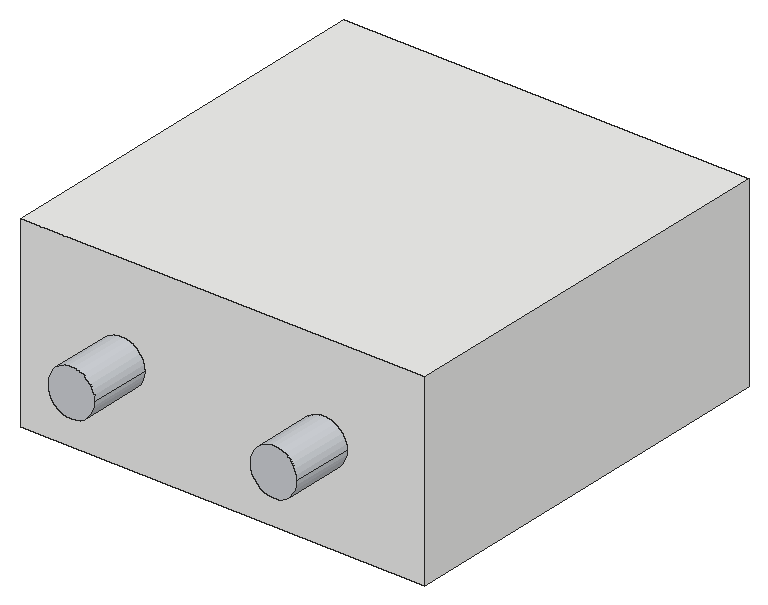
Revit family "Lagur Home Controller", category Electrical Equipment, host Face, Revit 2020
Family settings
  Host = Face
  Round Connector Dimension = Use Diameter
  Part Type = Equipment Switch
  OmniClass Number = 23.85.50.17
  OmniClass Title = Communication and Data Processing Equipment
  Cut with Voids When Loaded = No
  Shared = No
  Room Calculation Point = No
Parameters (values of type "Lagur Controller Data Control")
  Width = 130 mm
  Version = "1.0"
  Uniclass2015Version = ""
  Uniclass2015Title = ""
  Uniclass2015Description = ""
  Uniclass2015Code = ""
  URL = "https://lagur.dk/"
  UNSPSCCode = ""
  Revision = ""
  ProductInformation = ""
  NominalDepth = ""
  NominaHeight = ""
  Model = "Lagur Home Controller Data Control"  # constant formula
  Manufacturer = "Lagur"  # constant formula
  IfcExportType = ""
  IfcExportAs = ""
  IfcClassification = ""
  Height = 130 mm
  Depth = 60 mm
  Default Elevation = 1200 mm
  CobieTypeCategory = ""
  AuthorURL = "www.prodlib.com"
  Author = "ProdLib"  # constant formula
Reference planes
  plane 1 "Center (Front/Back)": y = 0
  plane 2: z = 0
  plane 3 "Center (Left/Right)": x = 0
  plane 4: y = -65
  plane 5: y = 65
  plane 6: x = -65
  plane 7: x = 65
  plane 8: z = 60
  plane 9: x = -32.5
  plane 10: x = 32.5
  plane 11: z = 30
  plane 12: x = -40
  plane 13: x = -25
  plane 14: x = 25
  plane 15: x = 40
Forms (mm)
  Extrusion 1, solid, material "Plastic"
    sketch origin (0, 0, 0) x (1, 0, 0) y (0, 1, 0)
      loop
        line (-65, -65) -> (65, -65) -> (65, 65) -> (-65, 65) -> (-65, -65)
    from 0 to 60
  Extrusion 2, solid
    sketch origin (0, 0, 0) x (1, 0, 0) y (0, 0, 1)
      loop
        circle (-32.5, 30) r 7.5
    from 65 to 85
  Extrusion 3, solid
    sketch origin (65, 0, 0) x (1, 0, 0) y (0, 0, 1)
      loop
        circle (-32.5, 30) r 7.5
    from 65 to 85
Dimensions and locks
  equal spacing: plane 6, plane 3 "Center (Left/Right)", plane 7
  equal spacing: plane 5, plane 1 "Center (Front/Back)", plane 4
  "Height": plane 5 to plane 4
  "Width": plane 6 to plane 7
  "Depth": plane 8 to level
  equal spacing: plane 6, plane 9, plane 3 "Center (Left/Right)"
  equal spacing: plane 3 "Center (Left/Right)", plane 10, plane 7
  equal spacing: plane 8, plane 11, level
  equal spacing: plane 12, plane 9, plane 13
  plane 14 to plane 15 = 15 mm
  aligned and locked: plane 2 to host face
  aligned and locked: level to host face
  aligned and locked: Extrusion 1 sketch curve to plane 4
  aligned and locked: Extrusion 1 sketch curve to plane 6
  aligned and locked: Extrusion 1 sketch curve to plane 5
  aligned and locked: Extrusion 1 sketch curve to plane 7
  aligned and locked: Extrusion 1 to level
  aligned and locked: plane 8 to Extrusion 1
  aligned and locked: plane 12 to Extrusion 2 sketch curve
  aligned and locked: plane 11 to Extrusion 2 sketch curve
  aligned and locked: plane 13 to Extrusion 2 sketch curve
  aligned and locked: plane 4 to Extrusion 2
  aligned and locked: plane 14 to Extrusion 3 sketch curve
  aligned and locked: plane 15 to Extrusion 3 sketch curve
Automatic sketch dimensions
  host sketch curve to host sketch curve = 2438.4 mm  (x2)
  Extrusion 3 sketch curve to Extrusion 3 sketch curve = 0 mm
  Extrusion 3 sketch curve to plane 11 = 0 mm
Connectors
  electrical at (-32.5, -85, 30)
    settings: on Extrusion 2, index 1, voltage 230 V, apparent load 0 VA, apparent load phase1 0 VA, apparent load phase2 0 VA, apparent load phase3 0 VA, power factor 1, load classification "Power", number of poles 1, system type 30, power factor state 0, is connector primary yes, connector utility no, sub classification motor no, connector description "Power cable"
  electrical at (32.5, -85, 30)
    settings: on Extrusion 3, index 2, voltage 0 V, apparent load 0 VA, apparent load phase1 0 VA, apparent load phase2 0 VA, apparent load phase3 0 VA, power factor 1, load classification "Other", number of poles 1, system type 5, power factor state 1, is connector primary no, connector utility no, sub classification motor no, connector description "Controller cable"
